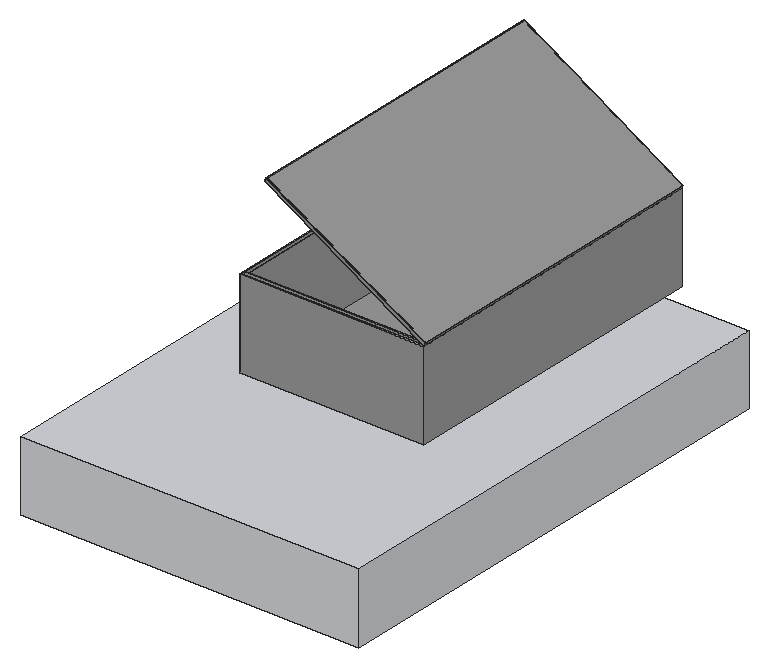
Revit family "Hager-Univers-IP55-D400-H1400-Cl.I-Steel_encl-PL-en", category Equipement électrique, Revit 2020
Family settings
  Hôte = Face
  Configuration du panneau = Deux colonnes, circuits au sein
  Cote de connecteur circulaire = Utiliser le diamètre
  Type d'élément = Tableau de raccordement
  Couper avec des vides une fois chargée = Non
  Partagée = Non
  Point de calcul de pièce = Non
Parameters (values of type "Surface mounted (plaster) IP55 W800 H1400 D400  - FR93G")
  Width Control [instance] = if([EF000008 - Width] > Min Width, [EF000008 - Width], Min Width)  # 800 mm
  Commentaires du type = [HG000003 - Range]  # "Univers"
  Thickness Door [instance] = if([EF009171 - Material plate thickness door/cover] > 3 mm, 3 mm, [EF009171 - Material plate thickness door/cover])  # 1.5 mm
  Seal Frame Offset [instance] = 17 mm  # constant formula
  Plinth Visibility [instance] = [HG000027 - Plinth height] > 0 mm  # no
  Model = ""
  Min Width [instance] = 100 mm  # constant formula
  Min Height [instance] = 100 mm  # constant formula
  Min Depth [instance] = (2 * [EF009170 - Material plate thickness cabinet]) + 1 mm  # 4 mm
  Internal Frame Depth [instance] = (Door System Depth * 0.5)  # 9 mm
  Height Control [instance] = if([EF000040 - Height] > Min Height, [EF000040 - Height], Min Height)  # 1400 mm
  HG000027 - Plinth height = 0 mm
  HG000026 - Floor standing = no
  HG000024 - Bottom section height = 800 mm
  HG000023 - Double section enclosure = no
  HG000016 - Door 3d visibility [instance] = yes
  HG000015 - Clearance visibility [instance] = no
  HG000014 - Door on the right [instance] = yes
  HG000013 - Door on the left [instance] = not([HG000014 - Door on the right])  # no
  HG000012 - Door swing angle [instance] = 30.00°
  HG000010 - Asymmetric doors = no
  HG000009 - Double swing door = no
  HG000006 - Flush mounted = no
  HG000004 - Manufacturer reference = "FR93G"
  HG000003 - Range = "Univers"
  HG000002 - With door or cover = yes
  Frame Offset Bottom [instance] = 10 mm  # constant formula
  Frame Offset [instance] = 15 mm  # constant formula
  EF015940 - Cover with overpressure release = no
  EF011959 - Degree of protection (NEMA) = ""
  EF009554 - Number of openings for flange plates = 6
  EF009212 - Cover model = "EV000116 - Closed"
  EF009171 - Material plate thickness door/cover = 1.5 mm
  EF009170 - Material plate thickness cabinet = 1.5 mm
  Fabricant = "Hager"  # constant formula
  EF008873 - Nominal current (In) = 800 A
  EF007800 - Suitable for lightning protection = no
  EF006306 - With lock = no
  EF006244 - Transparent cover/door = no
  EF005474 - Degree of protection (IP) = "EV006420 - IP55"
  EF004464 - Type of door = "EV002646 - Single"
  EF004427 - Number of modules = 324
  EF004293 - Impact strength = "EV008784 - IK10"
  EF003532 - Suitable for outdoor use = no
  EF002950 - Width in number of modular spacings = 24
  EF001613 - Circuit integrity = "EV000494 - None"
  EF001596 - Material housing = "EV000179 - Steel"
  EF001131 - Internal depth = 400 mm
  EF001088 - Extension possible = yes
  EF000437 - Number of conduit inlets = 6
  EF000339 - Type of cover = "EV004216 - Door"
  EF000266 - Number of rows = 9
  EF000218 - Built-in depth = 0 mm
  EF000118 - With mounting plate = no
  EF000116 - RAL-number = "7035"
  EF000049 - Depth = 400 mm
  EF000040 - Height = 1400 mm
  EF000008 - Width = 800 mm
  EF000007 - Colour = "EV000270 - Grey"
  EF000003 - Mounting method = "EV000384 - Surface mounted (plaster)"
  Door System Leaf Tolerance [instance] = 1.5 mm  # constant formula
  Door System Depth [instance] = 18 mm  # constant formula
  Door Height [instance] = Height Control - [HG000027 - Plinth height]  # 1400 mm
  Depth Control [instance] = if([EF000049 - Depth] > Min Depth, [EF000049 - Depth], Min Depth)  # 400 mm
  Default Elevation = 0 mm
  Connector Offset [instance] = Height Control / 2  # 700 mm
  Bottom Top Plate Trim [instance] = 1.5 mm  # constant formula
  Plinth height Ctrl [instance] = if([HG000027 - Plinth height] > 0 mm, [HG000027 - Plinth height], 12 mm)  # 12 mm
Types (3, lengths in mm): name | Width Control | HG000009 - Double swing door | HG000004 - Manufacturer reference | EF009554 - Number of openings for flange plates | EF004464 - Type of door | EF004427 - Number of modules | EF000437 - Number of conduit inlets | EF000008 - Width
  Surface mounted (plaster) IP55 W1050 H1400 D400  - FR94G | 1050 | yes | "FR94G" | 8 | "EV003602 - Double" | 432 | 8 | 1050
  Surface mounted (plaster) IP55 W550 H1400 D400  - FR92G | 550 | no | "FR92G" | 4 | "EV002646 - Single" | 216 | 4 | 550
  Surface mounted (plaster) IP55 W800 H1400 D400  - FR93G | 800 | no | "FR93G" | 6 | "EV002646 - Single" | 324 | 6 | 800
Reference planes
  plane 1 "Center (Front/Back)": y = 0
  plane 2: z = 0
  plane 3 "Center (Left/Right)": x = 0
  plane 4: z = 400
  plane 5: y = 1.5
  plane 6: y = 700
  plane 7: y = 0
  plane 8: y = 1400
  plane 9: z = 0
  plane 10: x = -385
  plane 11: x = 385
  plane 12: x = 383.5
  plane 13: x = -383.5
  plane 14: y = 1398.5
  plane 15: x = -383
  plane 16: x = -400
  plane 17: x = 383
  plane 18: x = 400
  plane 19: x = 398.5
  plane 20: x = -398.5
  plane 21: y = 11.5
  plane 22: y = 1400
  plane 23: y = 1383.5
  plane 24: z = 382
  plane 25: z = 1.5
  plane 26: z = 380.5
  plane 27: z = 398.5
Forms (mm)
  Extrusion 1, solid
    sketch origin (0, 0, 0) x (1, 0, 0) y (0, 1, 0)
      loop
        line (-702.964, 1305) -> (-702.964, -811.445) -> (766.763, -811.445) -> (766.763, 1305) -> (-702.964, 1305)
    from 0 to -304.8
  Extrusion 2, solid, material "Hager_Steel_RAL7035_Light_Grey", visible <- "Plinth Visibility", detail levels medium+fine
    sketch origin (0, 0, 0) x (1, 0, 0) y (0, 1, 0)
      loop
        line (-400, 0) -> (400, 0) -> (400, 12) -> (-400, 12) -> (-400, 0)
    from 0 to 382
  Extrusion 3, solid, material "Hager_Steel_RAL7035_Light_Grey", detail levels medium+fine
    sketch origin (0, 0, 0) x (1, 0, 0) y (0, 1, 0)
      loop
        line (-400, 0) -> (400, 0) -> (400, 1400) -> (-400, 1400) -> (-400, 0)
    from 0 to 382
  Extrusion 4, void
    sketch origin (0, 0, 0) x (1, 0, 0) y (0, 1, 0)
      loop
        line (-398.5, 1.5) -> (398.5, 1.5) -> (398.5, 1398.5) -> (-398.5, 1398.5) -> (-398.5, 1.5)
    from 1.5 to 380.5
  Extrusion 5, void
    sketch origin (-381.607, -4572, 382) x (0, -1, 0) y (-1, 0, 0)
      loop
        line (-4583.5, 1.893) -> (-5955.5, 1.893) -> (-5955.5, -765.107) -> (-4583.5, -765.107) -> (-4583.5, 1.893)
    from 0 to 1.5 <- "EF009170 - Material plate thickness cabinet"
  Extrusion 6, solid, material "Hager_Steel_RAL7035_Light_Grey", detail levels fine
    sketch origin (0, 0, 382) x (1, 0, 0) y (0, 1, 0)
      loop
        line (-383.5, 1383.5) -> (-383.5, 11.5) -> (383.5, 11.5) -> (383.5, 1383.5) -> (-383.5, 1383.5)
      loop
        line (-385, 10) -> (385, 10) -> (385, 1385) -> (-385, 1385) -> (-385, 10)
    from 0 to 9 <- "Internal Frame Depth"
  Extrusion 7, solid, material "Hager_Steel_RAL7035_Light_Grey", detail levels coarse
    sketch origin (0, 0, 0) x (1, 0, 0) y (0, 1, 0)
      loop
        line (-400, 0) -> (400, 0) -> (400, 1400) -> (-400, 1400) -> (-400, 0)
    from 0 to 400
  Sweep 8, void
    path in 3D
      loop
        line (-400, 12, 0) -> (400, 12, 0) -> (400, 12, 382) -> (-400, 12, 382) -> (-400, 12, 0)
    profile origin (-400, 12, 191) x (-1, 0, 0) y (0, -1, 0)
      loop
        line (0, 0) -> (0, 1.5) -> (-1.5, 1.5)
        arc (-1.5, 1.5) -> (-1.061, 0.439) -> (0, 0) r 1.5
Cuts and joins
  Extrusion 4, Extrusion 5 cuts Extrusion 3
  Sweep 8 cuts Extrusion 2
Lines and regions (mm)
  Masking region 1
    outline origin (0, 0, 0) x (1, 0, 0) y (0, 0, 1)
      loop
        line (-400, 400) -> (-400, 0) -> (400, 0) -> (400, 400) -> (-400, 400)
  Masking region 2, detail levels medium+fine
    outline origin (0, 140, 0) x (0, 1, 0) y (0, 0, 1)
      loop
        line (-140, 0) -> (1260, 0) -> (1260, 382) -> (-140, 382) -> (-140, 0)
  Masking region 3, not visible, detail levels medium+fine
    outline origin (0, 297.922, 0) x (0, 1, 0) y (0, 0, 1)
      loop
        line (413.578, 0) -> (453.578, 0) -> (453.578, 388.5)
        arc (453.578, 388.5) -> (450.649, 395.571) -> (443.578, 398.5) r 10
        line (443.578, 398.5) -> (413.578, 398.5) -> (413.578, 0)
  Masking region 4, detail levels coarse
    outline origin (0, 0, 180) x (0, 1, 0) y (0, 0, 1)
      loop
        line (0, -180) -> (1400, -180) -> (1400, 220) -> (0, 220) -> (0, -180)
  Masking region 5, visible <- "Plinth Visibility", detail levels medium+fine
    outline origin (0, 52.24, 12.345) x (0, 0, -1) y (0, 1, 0)
      loop
        line (10.845, -40.24) -> (-368.155, -40.24)
        arc (-368.155, -40.24) -> (-368.594, -41.301) -> (-369.655, -41.74) r 1.5
        line (-369.655, -41.74) -> (-369.655, -52.24) -> (12.345, -52.24) -> (12.345, -41.74)
        arc (12.345, -41.74) -> (11.285, -41.301) -> (10.845, -40.24) r 1.5
  Masking region 6, detail levels medium+fine
    outline origin (-381.607, -4572, 382) x (-1, 0, 0) y (0, -1, 0)
      loop
        line (18.393, -5972) -> (18.393, -4572) -> (-781.607, -4572) -> (-781.607, -5972) -> (18.393, -5972)
  Masking region 7, visible <- "Plinth Visibility", detail levels medium+fine
    outline origin (-381.607, -4727, 382) x (-1, 0, 0) y (0, -1, 0)
      loop
        arc (16.893, -4739) -> (17.332, -4737.939) -> (18.393, -4737.5) r 1.5
        line (18.393, -4737.5) -> (18.393, -4727) -> (-781.607, -4727) -> (-781.607, -4737.5)
        arc (-781.607, -4737.5) -> (-780.546, -4737.939) -> (-780.107, -4739) r 1.5
        line (-780.107, -4739) -> (16.893, -4739)
  Masking region 8, detail levels coarse
    outline origin (-442.548, -4669.526, 382) x (-1, 0, 0) y (0, -1, 0)
      loop
        line (-42.548, -6069.526) -> (-42.548, -4669.526) -> (-842.548, -4669.526) -> (-842.548, -6069.526) -> (-42.548, -6069.526)
  sketch lines
    curve 1: line (-400, 12, 382) -> (-400, 12, 0)
    curve 2: line (400, 12, 382) -> (-400, 12, 382)
    curve 3: line (400, 12, 382) -> (400, 12, 0)
    curve 4: line (-400, 12, 0) -> (400, 12, 0)
Dimensions and locks
  "Depth Control": plane 4 to Extrusion 1
  "HG000027 - Plinth height": plane 1 "Center (Front/Back)" to plane 7
  "EF009170 - Material plate thickness cabinet": plane 5 to plane 7
  locked: connector elem to plane 3 "Center (Left/Right)"
  equal spacing: plane 8, plane 6, plane 7
  locked: connector elem to plane 6
  "EF009170 - Material plate thickness cabinet": plane 8 to plane 14
  "EF009170 - Material plate thickness cabinet": plane 10 to plane 13
  "EF009170 - Material plate thickness cabinet": plane 12 to plane 11
  "Frame Offset": plane 20 to plane 13
  "Frame Offset": plane 12 to plane 19
  "EF009170 - Material plate thickness cabinet": plane 16 to plane 20
  "EF009170 - Material plate thickness cabinet": plane 19 to plane 18
  "Seal Frame Offset": plane 16 to plane 15
  "Seal Frame Offset": plane 17 to plane 18
  "Frame Offset Bottom": plane 21 to plane 5
  "Frame Offset": plane 14 to plane 23
  equal spacing: plane 16, plane 3 "Center (Left/Right)", plane 18
  "Width Control": plane 16 to plane 18
  "EF009170 - Material plate thickness cabinet": plane 4 to plane 27
  "EF009170 - Material plate thickness cabinet": plane 24 to plane 26
  "EF009170 - Material plate thickness cabinet": plane 25 to level
  "Door System Depth": plane 4 to plane 24
  "Height Control": plane 1 "Center (Front/Back)" to Extrusion 7 sketch curve
  "Height Control": Masking region 4 sketch curve to plane 1 "Center (Front/Back)"
  "Height Control": plane 1 "Center (Front/Back)" to plane 22
  "Bottom Top Plate Trim": profile plane to Sweep 8 sketch curve
  "Bottom Top Plate Trim": Sweep 8 sketch curve to profile plane
  "Plinth height Ctrl": plane 1 "Center (Front/Back)" to Extrusion 2 sketch curve
  "Plinth height Ctrl": Masking region 5 sketch curve to plane 1 "Center (Front/Back)"
  "Plinth height Ctrl": plane 1 "Center (Front/Back)" to Masking region 7 sketch curve
  "Thickness Door": Extrusion 6 sketch curve to Extrusion 6 sketch curve  (x3)
  "Thickness Door": cut or joined group of Extrusion 3, Extrusion 4, Extrusion 5 to Extrusion 6 sketch curve
  radius of Masking region 3 sketch curve = 10 mm
  "Bottom Top Plate Trim": radius of Masking region 5 sketch curve  (x2)
  "Bottom Top Plate Trim": radius of Sweep 8 sketch curve
  "Bottom Top Plate Trim": radius of Masking region 7 sketch curve  (x2)
  aligned and locked: plane 2 to Extrusion 1
  aligned and locked: level to Extrusion 1
  aligned and locked: level to Masking region 1 sketch curve
  aligned and locked: Masking region 1 sketch curve to plane 18
  aligned and locked: Masking region 1 sketch curve to plane 16
  aligned and locked: plane 7 to Masking region 2 sketch curve
  aligned and locked: level to Masking region 3 sketch curve
  aligned and locked: Masking region 3 sketch curve to plane 27
  aligned and locked: level to Masking region 2 sketch curve
  aligned and locked: plane 1 "Center (Front/Back)" to Extrusion 2 sketch curve
  aligned and locked: Extrusion 3 sketch curve to plane 7
  aligned and locked: plane 16 to Extrusion 3 sketch curve
  aligned and locked: plane 18 to Extrusion 3 sketch curve
  aligned and locked: plane 20 to Extrusion 4 sketch curve
  aligned and locked: plane 19 to Extrusion 4 sketch curve
  aligned and locked: Extrusion 4 sketch curve to plane 5
  aligned and locked: Extrusion 4 to plane 25
  aligned and locked: plane 26 to Extrusion 4
  aligned and locked: plane 24 to Extrusion 3
  aligned and locked: Extrusion 5 sketch curve to plane 21
  aligned and locked: Extrusion 5 sketch curve to plane 13
  aligned and locked: Extrusion 5 sketch curve to plane 12
  aligned and locked: plane 18 to Extrusion 7 sketch curve
  aligned and locked: plane 1 "Center (Front/Back)" to Extrusion 7 sketch curve
  aligned and locked: plane 16 to Extrusion 7 sketch curve
  aligned and locked: plane 4 to Extrusion 7
  aligned and locked: Extrusion 7 to level
  aligned and locked: level to Masking region 4 sketch curve
  aligned and locked: Masking region 4 sketch curve to plane 1 "Center (Front/Back)"
  aligned and locked: Masking region 4 sketch curve to plane 4
  aligned and locked: nested 1 to level
  aligned and locked: nested 1 to plane 16
  aligned and locked: plane 8 to Extrusion 3 sketch curve
  aligned and locked: plane 23 to Extrusion 5 sketch curve
  aligned and locked: plane 14 to Extrusion 4 sketch curve
  aligned and locked: Masking region 2 sketch curve to plane 8
  aligned and locked: level to Masking region 5 sketch curve
  aligned and locked: plane 16 to Extrusion 2 sketch curve
  aligned and locked: plane 18 to Extrusion 2 sketch curve
  aligned and locked: Masking region 5 sketch curve to plane 24
  aligned and locked: Masking region 2 sketch curve to plane 24
  aligned and locked: plane 24 to Extrusion 2
  aligned and locked: profile plane to Sweep 8 sketch curve  (x2)
  aligned and locked: Masking region 6 sketch curve to plane 18
  aligned and locked: Masking region 6 sketch curve to plane 22
  aligned and locked: Masking region 6 sketch curve to plane 16
  aligned and locked: plane 8 to plane 22
  aligned and locked: Masking region 6 sketch curve to plane 7
  aligned and locked: Masking region 7 sketch curve to plane 16
  aligned and locked: Masking region 7 sketch curve to plane 1 "Center (Front/Back)"
  aligned and locked: Masking region 7 sketch curve to plane 18
  aligned and locked: Masking region 8 sketch curve to plane 1 "Center (Front/Back)"
  aligned and locked: Masking region 8 sketch curve to plane 18
  aligned and locked: Masking region 8 sketch curve to plane 22
  aligned and locked: Masking region 8 sketch curve to plane 16
  aligned and locked: nested 2 to plane 7
  aligned and locked: plane 3 "Center (Left/Right)" to nested 2
  aligned and locked: nested 2 to plane 24
  aligned and locked: Extrusion 6 sketch curve to cut or joined group of Extrusion 3, Extrusion 4, Extrusion 5  (x4)
Automatic sketch dimensions
  Extrusion 1 sketch curve to Extrusion 1 sketch curve = 1469.727 mm
  Extrusion 1 sketch curve to Extrusion 1 sketch curve = 2116.445 mm
  Masking region 1 sketch curve to plane 4 = 0 mm
  plane 6 to Masking region 3 sketch curve = 11.5 mm
  Masking region 3 sketch curve to Masking region 3 sketch curve = 30 mm
  Masking region 5 sketch curve to plane 1 "Center (Front/Back)" = 0 mm
Nested families
  nested 1: "Hager_Enclosure_Symbol" at (-400, 0, 0) x (1, 0, 0) z (0, -1, 0), Height <- "Depth Control", Width <- "Width Control", type "Hager_Enclosure_Symbol"
    with Width_Ctrl 800 mm, Width 800 mm, Height_Ctrl 400 mm, Height 400 mm, A_Width_Int 26.25 mm, A_Width 315 mm, A_Height_Ctrl 350 mm, A_Height 350 mm
  nested 2: "EC000058_Univers_Door" at (0, 0, 382) x (1, 0, 0) z (0, 1, 0), Leaf_Tolerance <- "Door System Leaf Tolerance", Angle <- "HG000012 - Door swing angle", Door_Depth <- "Door System Depth", Door_Left <- "HG000013 - Door on the left", Transparent <- "EF006244 - Transparent cover/door", Assymetrical <- "HG000010 - Asymmetric doors", Width <- "Width Control", Clearance <- "HG000015 - Clearance visibility", Double <- "HG000009 - Double swing door", 3d_Door <- "HG000016 - Door 3d visibility", Lock_Visibility <- "EF006306 - With lock", Width_Ctrl <- "Width Control", Door_Right <- "HG000014 - Door on the right", Door <- "HG000002 - With door or cover", Height <- "Door Height", Thickness <- "Thickness Door", type "EC000058_Univers_Door", detail levels medium+fine
    with min_wh 4 mm, Width_Ctrl 800 mm, Width 800 mm, Transparent no, Thickness 1.5 mm, Seal_Material Hager_Rubber, Lock_Visibility no, Lock_Material Hager_Plastic_RAL9005_Jet_Black, Leaf_Width 800 mm, Leaf_Tolerance_External_Sides 0 mm, Leaf_Tolerance 1.5 mm, Leaf_Offset 0 mm, Leaf_Height 1397 mm, Leaf_2_Width 800 mm, Leaf_2_Offset 400 mm, Leaf_1_Width 800 mm, Leaf_1_Offset 400 mm, Height_Ctrl 1400 mm, Height 1400 mm, Glass_Material Hager_Glass, Double_Clearance_Ctrl no, Double no, Door_Right_Ctrl yes, Door_Right yes, Door_Material Hager_Steel_RAL7035_Light_Grey, Door_Left_Ctrl no, Door_Left no, Door_Depth 18 mm, Door yes, Clearance_Material Hager_Clearance, Clearance_Depth 800 mm, Clearance_Ctrl no, Clearance no, Assymetrical no, Angle 30.00°, 3d_Door yes
Connectors
  electrical at (0, 700, 0)
    settings: on plane 9, index 1, voltage 0 V, apparent load 0 VA, apparent load phase1 0 VA, apparent load phase2 0 VA, apparent load phase3 0 VA, power factor 1, load classification "Other", number of poles 1, system type 30, power factor state 1, is connector primary yes, connector utility no, sub classification motor no, connector description ""
Definition of nested family "EC000058_Univers_Door"
  Parameters (values of type "EC000058_Univers_Door")
    min_wh [instance] = (2 * Thickness) + 1 mm  # 11 mm
    Width_Ctrl [instance] = 400 mm
    Width [instance] = 500 mm
    Transparent [instance] = yes
    Thickness [instance] = 5 mm
    Seal_Material [instance] = none
    Lock_Visibility [instance] = yes
    Lock_Material [instance] = none
    Leaf_Width [instance] = if((Width_Ctrl - 2 * Leaf_Tolerance_External_Sides) > 0 mm, (Width_Ctrl - 2 * Leaf_Tolerance_External_Sides), min_wh)  # 400 mm
    Leaf_Tolerance_External_Sides [instance] = 0 mm  # constant formula
    Leaf_Tolerance [instance] = 1.5 mm
    Leaf_Offset [instance] = 0 mm  # constant formula
    Leaf_Height [instance] = if((Height_Ctrl - 2 * Leaf_Tolerance) > 0 mm, (Height_Ctrl - 2 * Leaf_Tolerance), min_wh)  # 497 mm
    Leaf_2_Width [instance] = if(and(and(Double, Assymetrical), Door_Left), (Leaf_Width / 3) - (Leaf_Tolerance / 2), if(and(and(Double, Assymetrical), Door_Right), (Leaf_Width / 3) * 2 - (Leaf_Tolerance / 2), if(and(Double, not(Assymetrical)), (Leaf_Width / 2) - Leaf_Tolerance, Leaf_Width)))  # 400 mm
    Leaf_2_Offset [instance] = if(and(Double, Assymetrical), Leaf_2_Width / 2, if(and(Double, not(Assymetrical)), Leaf_Width / 4, Leaf_Width / 2))  # 200 mm
    Leaf_1_Width [instance] = if(and(and(Double, Assymetrical), Door_Right), (Leaf_Width / 3) - (Leaf_Tolerance / 2), if(and(and(Double, Assymetrical), Door_Left), (Width / 3) * 2 - (Leaf_Tolerance / 2), if(and(Double, not(Assymetrical)), (Leaf_Width / 2) - Leaf_Tolerance, Leaf_Width)))  # 400 mm
    Leaf_1_Offset [instance] = if(and(Double, Assymetrical), Leaf_1_Width / 2, if(and(Double, not(Assymetrical)), Leaf_Width / 4, Leaf_Width / 2))  # 200 mm
    Height_Ctrl [instance] = if(Height > min_wh, Height, min_wh)  # 500 mm
    Height [instance] = 500 mm
    Glass_Material [instance] = none
    Double_Clearance_Ctrl [instance] = and(Double, Clearance)  # no
    Double [instance] = no
    Door_Right_Ctrl [instance] = and(or(Door_Right, Double), Door)  # yes
    Door_Right [instance] = yes
    Door_Material [instance] = none
    Door_Left_Ctrl [instance] = and(or(Door_Left, Double), Door)  # no
    Door_Left [instance] = no
    Door_Depth [instance] = 30 mm
    Door [instance] = yes
    Default Elevation = 1219.2 mm
    Clearance_Material [instance] = none
    Clearance_Depth [instance] = if(Leaf_1_Width > Leaf_2_Width, Leaf_1_Width, Leaf_2_Width)  # 400 mm
    Clearance_Ctrl [instance] = and(not(Double), Clearance)  # yes
    Clearance [instance] = yes
    Assymetrical [instance] = yes
    Angle [instance] = 30.00°
    3d_Door [instance] = yes
  Reference planes
    plane 1 "Center (Front/Back)": y = 0
    plane 2 "Bottom": z = 0
    plane 3 "Center (Left/Right)": x = 0
    plane 4: z = 500
    plane 5: x = -200
    plane 6: x = 200
    plane 7: z = 500
    plane 8: x = -200
    plane 9: z = 0
    plane 10: x = 200
    plane 11: y = 0
    plane 12: z = 1.5
    plane 13: x = -600
    plane 14: y = -400
    plane 15: x = 600
    plane 16: x = 0
    plane 17: x = 0
    plane 18: x = -200
    plane 19: x = 200
    plane 20: z = 498.5
  Forms (mm)
    Extrusion 1, solid, material <- "Clearance_Material", visible <- "Double_Clearance_Ctrl"
      sketch origin (1200, 0, 0) x (1, 0, 0) y (0, 0, -1)
        loop
          line (-1800, -498.5) -> (-600, -498.5) -> (-600, 0) -> (-1800, 0) -> (-1800, -498.5)
      from 0 to -400
  Dimensions and locks
    equal spacing: plane 5, plane 3 "Center (Left/Right)", plane 6
    "Width_Ctrl": plane 5 to plane 6
    "Leaf_Offset": plane 5 to plane 8
    "Leaf_Offset": plane 6 to plane 10
    "Leaf_Offset": plane 9 to level
    "Leaf_Offset": plane 4 to plane 7
    "Height_Ctrl": plane 4 to level
    "Leaf_Tolerance": plane 12 to plane 9
    locked: plane 11 to plane 1 "Center (Front/Back)"
    "Leaf_1_Offset": plane 18 to plane 16
    "Leaf_2_Offset": plane 17 to plane 19
    "Leaf_1_Width": plane 13 to plane 8
    "Leaf_2_Width": plane 10 to plane 15
    "Clearance_Depth": plane 14 to plane 1 "Center (Front/Back)"
    "Leaf_Tolerance_External_Sides": plane 8 to plane 18
    "Leaf_Tolerance_External_Sides": plane 19 to plane 10
    "Leaf_Tolerance": plane 7 to plane 20
    aligned and locked: level to plane 2 "Bottom"
    aligned and locked: nested 1 to plane 16
    aligned and locked: nested 2 to plane 17
    aligned and locked: Extrusion 1 to plane 13
    aligned and locked: plane 15 to Extrusion 1
    aligned and locked: Extrusion 1 to plane 14
    aligned and locked: plane 12 to nested 1
    aligned and locked: nested 2 to plane 12
    aligned and locked: Extrusion 1 to plane 11
    aligned and locked: plane 20 to Extrusion 1
    aligned and locked: nested 2 to plane 11
    aligned and locked: nested 1 to plane 11
  Automatic sketch dimensions
    Extrusion 1 sketch curve to level = 0 mm
    plane 5 to Extrusion 1 sketch curve = 400 mm
    plane 6 to Extrusion 1 sketch curve = 400 mm
    Extrusion 1 sketch curve to plane 4 = 1.5 mm
  Nested families
    nested 1: "EC000058_Univers_Door_Leaf" at (0, 0, 1.5), Width <- "Leaf_1_Width", visible <- "Door_Left_Ctrl", Leaf_Height <- "Leaf_Height", Angle <- "Angle", 3d_Door <- "3d_Door", Transparent <- "Transparent", Clearance Material <- "Clearance_Material", Clearance <- "Clearance_Ctrl", Door_Material <- "Door_Material", Glass_Material <- "Glass_Material", Door_Depth <- "Door_Depth", Lock_Material <- "Lock_Material", Seal_Material <- "Seal_Material", Lock_Visibility <- "Lock_Visibility", Thickness <- "Thickness", type "EC000058_Univers_Door_Leaf"
      with Width 400 mm, Transparent_Glass_Offset 30 mm, Transparent_Ctrl yes, Transparent yes, Thickness 5 mm, Standard no, Seal_Material none, Seal_D2 8 mm, Seal_D1 1 mm, Offset_Internal_Frame 10 mm, Lock_Width 20 mm, Lock_Visibility_3d yes, Lock_Visibility yes, Lock_Thickness_3 3 mm, Lock_Thickness_2 1 mm, Lock_Thickness_1 3 mm, Lock_Radius_Offset_2 16 mm, Lock_Radius_Offset_1 15 mm, Lock_Radius_2 5 mm, Lock_Radius 6 mm, Lock_Offset 5 mm, Lock_Material none, Lock_Height 80 mm, Lock_Cover_Top_Offset_2d 17 mm, Lock_Cover_Height -65 mm, Leaf_Height 497 mm, Internal_Seal_Thickness 8 mm, Internal_Seal_Depth_2 4.5 mm, Internal_Frame_Depth 25 mm, Glass_Thickness -1 mm, Glass_Offset -2 mm, Glass_Material none, Door_Material none, Door_Depth 30 mm, Clearance Material none, Clearance yes, Angle_Ctrl 30.00°, Angle 30.00°, 3d_Door yes
    nested 2: "EC000058_Univers_Door_Leaf" at (0, 0, 1.5) x (-1, 0, 0) z (0, 0, 1), Width <- "Leaf_2_Width", visible <- "Door_Right_Ctrl", Leaf_Height <- "Leaf_Height", Angle <- "Angle", 3d_Door <- "3d_Door", Transparent <- "Transparent", Clearance Material <- "Clearance_Material", Clearance <- "Clearance_Ctrl", Door_Material <- "Door_Material", Glass_Material <- "Glass_Material", Door_Depth <- "Door_Depth", Lock_Material <- "Lock_Material", Seal_Material <- "Seal_Material", Lock_Visibility <- "Lock_Visibility", Thickness <- "Thickness", type "EC000058_Univers_Door_Leaf"
      with Width 400 mm, Transparent_Glass_Offset 30 mm, Transparent_Ctrl yes, Transparent yes, Thickness 5 mm, Standard no, Seal_Material none, Seal_D2 8 mm, Seal_D1 1 mm, Offset_Internal_Frame 10 mm, Lock_Width 20 mm, Lock_Visibility_3d yes, Lock_Visibility yes, Lock_Thickness_3 3 mm, Lock_Thickness_2 1 mm, Lock_Thickness_1 3 mm, Lock_Radius_Offset_2 16 mm, Lock_Radius_Offset_1 15 mm, Lock_Radius_2 5 mm, Lock_Radius 6 mm, Lock_Offset 5 mm, Lock_Material none, Lock_Height 80 mm, Lock_Cover_Top_Offset_2d 17 mm, Lock_Cover_Height -65 mm, Leaf_Height 497 mm, Internal_Seal_Thickness 8 mm, Internal_Seal_Depth_2 4.5 mm, Internal_Frame_Depth 25 mm, Glass_Thickness -1 mm, Glass_Offset -2 mm, Glass_Material none, Door_Material none, Door_Depth 30 mm, Clearance Material none, Clearance yes, Angle_Ctrl 30.00°, Angle 30.00°, 3d_Door yes
  Definition of nested family "EC000058_Univers_Door_Leaf"
    Parameters (values of type "EC000058_Univers_Door_Leaf")
      Width [instance] = 2000 mm
      Transparent_Glass_Offset [instance] = 30 mm
      Transparent_Ctrl [instance] = and(Transparent, [3d_Door])  # yes
      Transparent [instance] = yes
      Thickness [instance] = 5 mm
      Standard [instance] = and(not(Transparent), [3d_Door])  # no
      Seal_Material [instance] = none
      Seal_D2 [instance] = 8 mm  # constant formula
      Seal_D1 [instance] = 1 mm  # constant formula
      Offset_Internal_Frame [instance] = 10 mm  # constant formula
      Lock_Width [instance] = 20 mm  # constant formula
      Lock_Visibility_3d [instance] = and(Lock_Visibility, [3d_Door])  # yes
      Lock_Visibility [instance] = yes
      Lock_Thickness_3 [instance] = 3 mm  # constant formula
      Lock_Thickness_2 [instance] = 1 mm  # constant formula
      Lock_Thickness_1 [instance] = 3 mm  # constant formula
      Lock_Radius_Offset_2 [instance] = Lock_Radius_Offset_1 + 1 mm  # 16 mm
      Lock_Radius_Offset_1 [instance] = 15 mm  # constant formula
      Lock_Radius_2 [instance] = Lock_Radius - 1 mm  # 5 mm
      Lock_Radius [instance] = 6 mm  # constant formula
      Lock_Offset [instance] = 5 mm  # constant formula
      Lock_Material [instance] = none
      Lock_Height [instance] = 80 mm  # constant formula
      Lock_Cover_Top_Offset_2d [instance] = Lock_Radius_Offset_2 + 1 mm  # 17 mm
      Lock_Cover_Height [instance] = -(Lock_Height - Lock_Radius_Offset_1)  # -65 mm
      Leaf_Height [instance] = 2720.336 mm
      Internal_Seal_Thickness [instance] = 8 mm  # constant formula
      Internal_Seal_Depth_2 [instance] = 4.5 mm  # constant formula
      Internal_Frame_Depth [instance] = if(Door_Depth - Thickness > 5 mm, Door_Depth - Thickness, 5 mm)  # 25 mm
      Glass_Thickness [instance] = if(Thickness > 15 mm, Glass_Offset + 10 mm, -1 mm)  # -1 mm
      Glass_Offset [instance] = if(Thickness > 15 mm, -(Thickness + 10 mm) / 2, -2 mm)  # -2 mm
      Glass_Material [instance] = none
      Door_Material [instance] = none
      Door_Depth [instance] = 30 mm
      Default Elevation = 0 mm
      Clearance Material [instance] = none
      Clearance [instance] = yes
      Angle_Ctrl [instance] = if(Angle > 180.00°, 180.00°, Angle)  # 90.00°
      Angle [instance] = 90.00°
      3d_Door [instance] = yes
    Reference planes
      plane 1 "Center (Front/Back)": y = 0
      plane 2: z = 0
      plane 3 "Center (Left/Right)": x = 0
      plane 4: y = 2000
      plane 5: x = -1000
      plane 6: x = 1000
      plane 7: x = -3000
      plane 8: z = 2720.336
      plane 9: z = 30
      plane 10: z = 2690.336
      plane 11: x = 970
      plane 12: x = -970
      plane 13: y = -3
      plane 14: z = 107.833
      plane 15: y = -5
      plane 16: y = -223.314
      plane 17: x = -1000
      plane 18: z = 1360.168
      plane 19: y = 30
    Forms (mm)
      Extrusion 1, solid, material <- "Clearance Material", visible <- "Clearance"
        sketch origin (0, 0, 0) x (1, 0, 0) y (0, 0, 1)
          loop
            line (-3000, 2720.336) -> (-3000, 0) -> (1000, 0) -> (1000, 2720.336) -> (-3000, 2720.336)
        from 0 to -2000
      Extrusion 2, solid, material <- "Door_Material", visible <- "Standard", detail levels medium+fine
        sketch origin (-1000, 0, 0) x (0, 1, 0) y (-1, 0, 0)
          loop
            line (0, 30) -> (0, 25) -> (2000, 25) -> (2000, 30) -> (0, 30)
        from 0 to 2720.336 <- "Leaf_Height"
      Extrusion 3, solid, material <- "Door_Material", visible <- "Transparent_Ctrl", detail levels medium+fine
        sketch origin (-1000, 0, 0) x (0, 1, 0) y (-1, 0, 0)
          loop
            line (0, 25) -> (2000, 25) -> (2000, 30) -> (0, 30) -> (0, 25)
        from 0 to 2720.336 <- "Leaf_Height"
      Extrusion 4, void
        sketch origin (-1025, 2000, 0) x (0, 1, 0) y (0, 0, -1)
          loop
            line (-30, -2690.336) -> (-30, -30) -> (-1970, -30) -> (-1970, -2690.336) -> (-30, -2690.336)
        from 0 to 5 <- "Thickness"
      Sweep 5, solid, material <- "Seal_Material", visible <- "Transparent_Ctrl", detail levels fine
        path in 3D
          loop
            line (-1025, 30, 30) -> (-1025, 30, 2690.336) -> (-1025, 1970, 2690.336) -> (-1025, 1970, 30) -> (-1025, 30, 30)
        profile origin (-1025, 1000, 30) x (1, 0, 0) y (0, 0, 1)
          loop
            line (0, 0) -> (0, -8) -> (1, -8) -> (1, 0) -> (0, 0)
      Extrusion 6, solid, material <- "Glass_Material", visible <- "Transparent_Ctrl", detail levels medium+fine
        sketch origin (-1030, 0, 0) x (0, 1, 0) y (0, 0, -1)
          loop
            line (1970, -2690.336) -> (1970, -30) -> (30, -30) -> (30, -2690.336) -> (1970, -2690.336)
        from -2 <- "Glass_Offset" to -1 <- "Glass_Thickness"
      Extrusion 7, solid, material <- "Door_Material", visible <- "3d_Door", detail levels medium+fine
        sketch origin (-1025, 2000, 0) x (0, -1, 0) y (0, 0, -1)
          loop
            line (0, -2720.336) -> (2000, -2720.336) -> (2000, 0) -> (0, 0) -> (0, -2720.336)
          loop
            line (1995, -5) -> (5, -5) -> (5, -2715.336) -> (1995, -2715.336) -> (1995, -5)
        from 0 to 25 <- "Internal_Frame_Depth"
      Sweep 8, solid, material <- "Seal_Material", visible <- "Transparent_Ctrl", detail levels fine
        path in 3D
          loop
            line (-1025, 0, 0) -> (-1025, 2000, 0) -> (-1025, 2000, 2720.336) -> (-1025, 0, 2720.336) -> (-1025, 0, 0)
        profile origin (-1025, 0, 1360.168) x (1, 0, 0) y (0, 1, 0)
          loop
            line (0, 10) -> (2.975, 10)
            arc (2.975, 10) -> (4.053, 10.447) -> (4.5, 11.525) r 1.525
            line (4.5, 11.525) -> (4.5, 16.527)
            arc (4.5, 16.527) -> (4.069, 17.569) -> (3.027, 18) r 1.473
            line (3.027, 18) -> (0, 18) -> (0, 10)
      Extrusion 9, solid, material <- "Lock_Material", visible <- "Lock_Visibility_3d", detail levels fine
        sketch origin (-1030, 0, 0) x (0, 1, 0) y (0, 0, -1)
          loop
            arc (1993.5, -1400.168) -> (1994.561, -1399.729) -> (1995, -1398.668) r 1.5
            line (1995, -1398.668) -> (1995, -1320.168) -> (1975, -1320.168) -> (1975, -1398.668)
            arc (1975, -1398.668) -> (1975.439, -1399.729) -> (1976.5, -1400.168) r 1.5
            line (1976.5, -1400.168) -> (1993.5, -1400.168)
        from 3 <- "Lock_Thickness_1" to 0
      Blend 10, solid, material <- "Lock_Material", visible <- "Lock_Visibility_3d", detail levels fine
        base sketch origin (-1033, 0, 0) x (0, 1, 0) y (0, 0, -1)
          loop
            line (1975, -1320.168) -> (1975, -1398.668)
            arc (1975, -1398.668) -> (1975.439, -1399.729) -> (1976.5, -1400.168) r 1.5
            line (1976.5, -1400.168) -> (1993.5, -1400.168)
            arc (1993.5, -1400.168) -> (1994.561, -1399.729) -> (1995, -1398.668) r 1.5
            line (1995, -1398.668) -> (1995, -1320.168) -> (1975, -1320.168)
        top sketch origin (-1033, 0, 0) x (0, 1, 0) y (0, 0, -1)
          loop
            line (1976, -1320.168) -> (1976, -1398.668)
            arc (1976, -1398.668) -> (1976.146, -1399.022) -> (1976.5, -1399.168) r 0.5
            line (1976.5, -1399.168) -> (1993.5, -1399.168)
            arc (1993.5, -1399.168) -> (1993.854, -1399.022) -> (1994, -1398.668) r 0.5
            line (1994, -1398.668) -> (1994, -1320.168) -> (1976, -1320.168)
        from 0 to 1 <- "Lock_Thickness_2"
      Blend 11, solid, material <- "Lock_Material", visible <- "Lock_Visibility_3d", detail levels fine
        base sketch origin (-1034, 0, 0) x (0, 1, 0) y (0, 0, -1)
          loop
            line (1978, -1320.168) -> (1978, -1384.168)
            arc (1978, -1384.168) -> (1985, -1391.168) -> (1992, -1384.168) r 7
            line (1992, -1384.168) -> (1992, -1320.168) -> (1978, -1320.168)
        top sketch origin (-1034, 0, 0) x (0, 1, 0) y (0, 0, -1)
          loop
            line (1991, -1320.168) -> (1979, -1320.168) -> (1979, -1383.168)
            arc (1979, -1383.168) -> (1985, -1389.168) -> (1991, -1383.168) r 6
            line (1991, -1383.168) -> (1991, -1320.168)
        from 0 to 3 <- "Lock_Thickness_3"
      Extrusion 12, solid, material <- "Lock_Material", visible <- "Lock_Visibility_3d", detail levels fine
        sketch origin (-1030, 1975, 1320.168) x (1, 0, 0) y (0, -1, 0)
          loop
            line (-7, -19) -> (-7, -1) -> (0, -1) -> (0, 0) -> (-8, 0) -> (-8, -20) -> (0, -20) -> (0, -19) -> (-7, -19)
        from 0 to -65 <- "Lock_Cover_Height"
      Extrusion 13, void
        sketch origin (-1038, 1995, 1320.168) x (-1, 0, 0) y (0, 0, -1)
          loop
            line (-5, -65) -> (0, -65) -> (-5, -60) -> (-5, -65)
        from 0 to 20 <- "Lock_Width"
      Extrusion 14, void
        sketch origin (-1038, 1975, 1320.168) x (0, -1, 0) y (0, 0, -1)
          loop
            circle (-10, -15.995) r 6
          loop
            circle (-10, -15.995) r 5
        from 0 to 2
      Extrusion 15, solid, material <- "Lock_Material", visible <- "Lock_Visibility_3d", detail levels medium
        sketch origin (-1030, 0, 0) x (0, 1, 0) y (0, 0, -1)
          loop
            arc (1993.5, -1400.168) -> (1994.561, -1399.729) -> (1995, -1398.668) r 1.5
            line (1995, -1398.668) -> (1995, -1320.168) -> (1975, -1320.168) -> (1975, -1398.668)
            arc (1975, -1398.668) -> (1975.439, -1399.729) -> (1976.5, -1400.168) r 1.5
            line (1976.5, -1400.168) -> (1993.5, -1400.168)
        from 8 to 0
    Cuts and joins
      Extrusion 4 cuts Extrusion 3
      Extrusion 13, Extrusion 14 cuts Extrusion 9
      Extrusion 14 cuts Blend 11
      Extrusion 13, Extrusion 14 cuts Extrusion 12
      joined: Extrusion 9, Blend 10, Blend 11, Extrusion 12
      Extrusion 14 cuts Extrusion 15
    Lines and regions (mm)
      Masking region 1, visible <- "Lock_Visibility", detail levels fine
        outline origin (0, 0, 0) x (0, 1, 0) y (0, 0, 1)
          loop
            line (30, 1320.168) -> (33, 1320.168) -> (33, 1400.168) -> (30, 1400.168) -> (30, 1320.168)
      Masking region 2, visible <- "Lock_Visibility", detail levels fine
        outline origin (0, 3.143, 0) x (0, 1, 0) y (0, 0, 1)
          loop
            line (29.857, 1354.168) -> (30.857, 1354.168) -> (30.857, 1366.168) -> (29.857, 1366.168) -> (29.857, 1354.168)
      Masking region 3, detail levels medium+fine
        outline origin (0, 0, 0) x (0, 1, 0) y (0, 0, 1)
          loop
            line (0, 0) -> (30, 0) -> (30, 2720.336) -> (0, 2720.336) -> (0, 0)
      Masking region 4, detail levels medium+fine
        outline origin (0, 0, 0) x (1, 0, 0) y (0, 0, 1)
          loop
            line (-1000, 2720.336) -> (-1000, 0) -> (1000, 0) -> (1000, 2720.336) -> (-1000, 2720.336)
      Masking region 5, visible <- "Lock_Visibility", detail levels fine
        outline origin (-47.116, 0, 0) x (1, 0, 0) y (0, 0, 1)
          loop
            arc (1024.616, 1399.168) -> (1023.556, 1398.729) -> (1023.116, 1397.668) r 1.5
            line (1023.116, 1397.668) -> (1023.116, 1320.168) -> (1041.116, 1320.168) -> (1041.116, 1397.668)
            arc (1041.116, 1397.668) -> (1040.677, 1398.729) -> (1039.616, 1399.168) r 1.5
            line (1039.616, 1399.168) -> (1024.616, 1399.168)
      Masking region 6, visible <- "Lock_Visibility", detail levels medium+fine
        outline origin (-25, 0, 0) x (1, 0, 0) y (0, 0, 1)
          loop
            arc (1001.5, 1400.168) -> (1000.439, 1399.729) -> (1000, 1398.668) r 1.5
            line (1000, 1398.668) -> (1000, 1320.168) -> (1020, 1320.168) -> (1020, 1398.668)
            arc (1020, 1398.668) -> (1019.561, 1399.729) -> (1018.5, 1400.168) r 1.5
            line (1018.5, 1400.168) -> (1001.5, 1400.168)
      Masking region 7, visible <- "Lock_Visibility", detail levels fine
        outline origin (-73.735, 0, 0) x (1, 0, 0) y (0, 0, 1)
          loop
            line (1051.735, 1382.168) -> (1065.735, 1382.168) -> (1065.735, 1384.168)
            arc (1065.735, 1384.168) -> (1058.735, 1391.168) -> (1051.735, 1384.168) r 7
            line (1051.735, 1384.168) -> (1051.735, 1382.168)
      Masking region 8, visible <- "Lock_Visibility", detail levels fine
        outline origin (-73.735, 0, 0) x (1, 0, 0) y (0, 0, 1)
          loop
            line (1052.735, 1382.168) -> (1064.735, 1382.168) -> (1064.735, 1383.168)
            arc (1064.735, 1383.168) -> (1058.735, 1389.168) -> (1052.735, 1383.168) r 6
            line (1052.735, 1383.168) -> (1052.735, 1382.168)
      Masking region 9, visible <- "Lock_Visibility", detail levels fine
        outline origin (-25, 0, 0) x (1, 0, 0) y (0, 0, 1)
          loop
            line (1020, 1320.168) -> (1020, 1382.168) -> (1000, 1382.168) -> (1000, 1320.168) -> (1020, 1320.168)
      Masking region 10, detail levels medium+fine
        outline origin (0, 0, 0) x (1, 0, 0) y (0, 0, 1)
          loop
            circle (985, 1335.144) r 6
      Masking region 11, detail levels fine
        outline origin (0, 0, 0) x (1, 0, 0) y (0, 0, 1)
          loop
            circle (985, 1335.144) r 5
      Masking region 12, visible <- "Lock_Visibility", detail levels fine
        outline origin (0, 12.767, 0) x (0, 1, 0) y (0, 0, 1)
          loop
            line (20.233, 1320.168) -> (21.233, 1320.168) -> (21.233, 1399.168) -> (20.233, 1400.168) -> (20.233, 1320.168)
      Masking region 13, visible <- "Lock_Visibility", detail levels fine
        outline origin (0, 13.767, -10) x (0, 1, 0) y (0, 0, 1)
          loop
            line (20.233, 1330.168) -> (23.233, 1330.168) -> (23.233, 1399.168) -> (20.233, 1402.168) -> (20.233, 1330.168)
      Masking region 14, visible <- "Lock_Visibility", detail levels fine
        outline origin (0, 12.767, -10) x (0, 1, 0) y (0, 0, 1)
          loop
            line (20.233, 1330.168) -> (25.233, 1330.168) -> (25.233, 1399.305) -> (20.233, 1394.305) -> (20.233, 1330.168)
      Masking region 15, visible <- "Lock_Visibility", detail levels medium
        outline origin (0, 0, 0) x (0, 1, 0) y (0, 0, 1)
          loop
            line (30, 1320.168) -> (38, 1320.168) -> (38, 1400.168) -> (30, 1400.168) -> (30, 1320.168)
      Masking region 16, visible <- "Lock_Visibility", detail levels fine
        outline origin (-1000, 0, 0) x (0, 1, 0) y (-1, 0, 0)
          loop
            line (1975, 30) -> (1995, 30) -> (1995, 38) -> (1975, 38) -> (1975, 30)
          loop
            line (1979, 37) -> (1976, 37) -> (1976, 34) -> (1978, 34) -> (1979, 37)
          loop
            line (1994, 37) -> (1991, 37) -> (1992, 34) -> (1994, 34) -> (1994, 37)
      Masking region 17, visible <- "Lock_Visibility", detail levels medium
        outline origin (-1000, 0, 0) x (0, 1, 0) y (-1, 0, 0)
          loop
            line (1975, 30) -> (1995, 30) -> (1995, 38) -> (1975, 38) -> (1975, 30)
      symbolic lines
        curve 1: line (1000, 0, 0) -> (-3000, 0, 0)
        curve 2: arc (1000, 0, 0) -> (-1000, 2000, 0) -> (-3000, 0, 0) r 2000
        curve 4: line (-1030, 0, 0) -> (-1030, 2000, 0)
      reference lines
        curve 3: line (-1000, 0, 0) -> (-1000, 2000, 0)
      symbolic lines, detail levels medium+fine
        curve 5: line (-1030, 2000, 0) -> (-1025, 2000, 0)
        curve 7: line (-1025, 0, 0) -> (-1030, 0, 0)
        curve 8: line (-1025, 0, 0) -> (-1000, 0, 0)
        curve 9: line (-1000, 0, 0) -> (-1000, 2000, 0)
        curve 10: line (-1000, 2000, 0) -> (-1025, 2000, 0)
      symbolic lines, detail levels fine
        curve 6: line (-1025, 2000, 0) -> (-1025, 0, 0)
      sketch lines
        curve 11: line (-1025, 0, 2720.336) -> (-1025, 0, 0)
        curve 12: line (-1025, 2000, 0) -> (-1025, 0, 0)
        curve 13: line (-1025, 2000, 2720.336) -> (-1025, 2000, 0)
        curve 14: line (-1025, 0, 2720.336) -> (-1025, 2000, 2720.336)
        curve 15: line (-1025, 1970, 30) -> (-1025, 30, 30)
        curve 16: line (-1025, 30, 30) -> (-1025, 30, 2690.336)
        curve 17: line (-1025, 1970, 2690.336) -> (-1025, 1970, 30)
        curve 18: line (-1025, 30, 2690.336) -> (-1025, 1970, 2690.336)
      symbolic lines, visible <- "Transparent", detail levels medium+fine
        curve 19: line (-970, 0, 2690.336) -> (970, 0, 2690.336)
        curve 20: line (-970, 0, 30) -> (-970, 0, 2690.336)
        curve 21: line (970, 0, 30) -> (-970, 0, 30)
        curve 22: line (970, 0, 2690.336) -> (970, 0, 30)
    Dimensions and locks
      "Width": plane 1 "Center (Front/Back)" to plane 4
      equal spacing: plane 5, plane 3 "Center (Left/Right)", plane 6
      "Width": plane 5 to plane 6
      "Width": plane 7 to plane 5
      "Leaf_Height": plane 8 to level
      "Width": curve 5 to curve 3
      "Width": curve 3 to curve 3
      plane 8 to plane 10 = 30 mm
      plane 9 to level = 30 mm
      plane 12 to plane 5 = 30 mm
      plane 6 to plane 11 = 30 mm
      Extrusion 1 to Extrusion 4 sketch curve = 30 mm
      "Transparent_Glass_Offset": curve 3 to Extrusion 4 sketch curve
      "Transparent_Glass_Offset": Extrusion 4 sketch curve to cut or joined group of Extrusion 3, Extrusion 4  (x2)
      cut or joined group of Extrusion 3, Extrusion 4 to Extrusion 6 sketch curve = 30 mm
      "Transparent_Glass_Offset": cut or joined group of Extrusion 3, Extrusion 4 to Extrusion 4 sketch curve
      "Thickness": curve 6 to curve 4
      "Thickness": Extrusion 7 sketch curve to Extrusion 7 sketch curve  (x4)
      "Door_Depth": curve 4 to curve 3
      "Offset_Internal_Frame": profile plane to Sweep 8 sketch curve
      "Internal_Seal_Thickness": Sweep 8 sketch curve to Sweep 8 sketch curve
      "Internal_Seal_Depth_2": profile plane to Sweep 8 sketch curve
      "Seal_D1": profile plane to Sweep 5 sketch curve
      "Seal_D2": profile plane to Sweep 5 sketch curve
      "Thickness": Extrusion 2 sketch curve to Extrusion 2 sketch curve
      equal spacing: Extrusion 9 sketch curve, plane 18, Extrusion 9 sketch curve  (x2)
      equal spacing: Masking region 1 sketch curve, plane 18, Masking region 1 sketch curve
      "Lock_Height": Masking region 1 sketch curve to Masking region 1 sketch curve
      "Lock_Radius": Masking region 2 sketch curve to plane 18 to Masking region 2 sketch curve
      Masking region 2 sketch curve to Masking region 1 = 1 mm
      "Door_Depth": plane 19 to plane 1 "Center (Front/Back)"
      "Lock_Thickness_1": Masking region 1 sketch curve to plane 19
      "Lock_Width": Extrusion 9 sketch curve to Extrusion 9 sketch curve
      "Lock_Height": Extrusion 9 sketch curve to Extrusion 9 sketch curve
      "Lock_Offset": cut or joined group of Extrusion 3, Extrusion 4 to Extrusion 9 sketch curve
      equal spacing: plane 8, plane 18, level
      "Lock_Radius_Offset_1": Blend 11 sketch curve to Blend 10
      locked: Blend 10 to Blend 11 sketch curve at 2  (x2)
      locked: var sketch to Blend 11 sketch curve at 1  (x2)
      "Lock_Radius_Offset_2": Blend 11 sketch curve to Blend 10
      locked: Extrusion 12 sketch curve to Extrusion 12 sketch curve at 1  (x3)
      Masking region 6 sketch curve to Masking region 6 sketch curve = 80 mm
      "Lock_Height": Masking region 6 sketch curve to Masking region 6 sketch curve
      "Lock_Width": Masking region 6 sketch curve to Masking region 6 sketch curve
      locked: Masking region 6 to Masking region 5 sketch curve at 1  (x3)
      locked: Masking region 5 to Masking region 7 sketch curve at 2  (x2)
      "Lock_Radius_Offset_1": Masking region 5 to Masking region 7 sketch curve
      "Lock_Radius_Offset_2": Masking region 5 to Masking region 8 sketch curve
      locked: Masking region 7 to Masking region 8 sketch curve at 1  (x2)
      "Lock_Cover_Top_Offset_2d": Masking region 5 to Masking region 9 sketch curve
      equal spacing: Masking region 9, Masking region 10 sketch curve, Masking region 9
      equal spacing: Masking region 9, Masking region 11 sketch curve, Masking region 9
      Extrusion 15 sketch curve to Extrusion 15 sketch curve = 80 mm
      "Lock_Width": Extrusion 15 sketch curve to Extrusion 15 sketch curve
      "Lock_Height": Extrusion 15 sketch curve to Extrusion 15 sketch curve
      equal spacing: Extrusion 15 sketch curve, plane 18, Extrusion 15 sketch curve
      "Lock_Thickness_3": Masking region 13 sketch curve to Masking region 13 sketch curve
      "Lock_Height": Masking region 12 sketch curve to Masking region 12 sketch curve
      locked: Masking region 13 sketch curve to Masking region 1 at 8
      locked: Masking region 14 sketch curve to Masking region 13 at 1
      locked: Masking region 14 sketch curve to Masking region 1 at 10.863
      "Lock_Height": Masking region 15 sketch curve to Masking region 15 sketch curve
      "Lock_Offset": Extrusion 15 sketch curve to cut or joined group of Extrusion 3, Extrusion 4
      "Lock_Offset": plane 6 to Masking region 6 sketch curve
      radius of Sweep 8 sketch curve = 1.525 mm
      radius of Sweep 8 sketch curve = 1.473 mm
      radius of Extrusion 9 sketch curve = 1.5 mm  (x2)
      "Lock_Radius": radius of Extrusion 14 sketch curve
      "Lock_Radius_2": radius of Extrusion 14 sketch curve
      "Lock_Radius": radius of Masking region 10 sketch curve
      "Lock_Radius_2": radius of Masking region 11 sketch curve
      radius of Extrusion 15 sketch curve = 1.5 mm  (x2)
      "Angle_Ctrl": angle plane 1 "Center (Front/Back)" to curve 3
      locked: Masking region 12 sketch curve to Masking region 12 sketch curve (angle 45.00°)
      locked: Masking region 13 sketch curve to Masking region 13 sketch curve (angle 45.00°)
      locked: Masking region 14 sketch curve to Masking region 14 sketch curve (angle 45.00°)
      aligned and locked: level to plane 2
      aligned and locked: Extrusion 1 to curve 1
      aligned and locked: plane 6 to Extrusion 1
      aligned and locked: Extrusion 1 to plane 1 "Center (Front/Back)"
      aligned and locked: plane 4 to Extrusion 1
      aligned and locked: plane 8 to Extrusion 1
      aligned and locked: curve 7 to Extrusion 2 sketch curve
      aligned and locked: curve 5 to Extrusion 2 sketch curve
      aligned and locked: curve 7 to Extrusion 3 sketch curve
      aligned and locked: Extrusion 3 sketch curve to curve 4
      aligned and locked: Extrusion 3 sketch curve to curve 6
      aligned and locked: Extrusion 3 sketch curve to curve 5
      aligned and locked: curve 9 to curve 3
      aligned and locked: Extrusion 7 sketch curve to cut or joined group of Extrusion 3, Extrusion 4  (x4)
      aligned and locked: plane 17 to curve 3
      aligned and locked: plane 1 "Center (Front/Back)" to curve 3
      aligned and locked: plane 17 to plane 5
      aligned and locked: Sweep 8 sketch curve to profile plane
      aligned and locked: Sweep 5 sketch curve to profile plane  (x2)
      aligned and locked: Masking region 1 to Masking region 2 sketch curve
      aligned and locked: plane 19 to Masking region 1 sketch curve
      aligned and locked: plane 1 "Center (Front/Back)" to Masking region 3 sketch curve
      aligned and locked: plane 19 to Masking region 3 sketch curve
      aligned and locked: level to Masking region 3 sketch curve
      aligned and locked: Masking region 3 sketch curve to plane 8
      aligned and locked: plane 17 to Masking region 4 sketch curve
      aligned and locked: level to Masking region 4 sketch curve
      aligned and locked: Masking region 4 sketch curve to plane 8
      aligned and locked: plane 12 to curve 20
      aligned and locked: plane 10 to curve 19
      aligned and locked: plane 11 to curve 22
      aligned and locked: curve 21 to plane 9
      aligned and locked: Extrusion 2 sketch curve to cut or joined group of Extrusion 3, Extrusion 4
      aligned and locked: Blend 10 sketch curve to Extrusion 9  (x4)
      aligned and locked: Extrusion 9 to Blend 10 sketch curve
      aligned and locked: Blend 10 to Blend 11 sketch curve
      aligned and locked: Extrusion 12 sketch curve to Blend 11
      aligned and locked: Extrusion 12 sketch curve to Extrusion 9  (x4)
      aligned and locked: Masking region 5 sketch curve to Masking region 6
      aligned and locked: Masking region 9 sketch curve to Masking region 6  (x3)
      aligned and locked: Masking region 12 sketch curve to Masking region 1
      aligned and locked: Masking region 13 sketch curve to Masking region 1
      aligned and locked: Masking region 12 to Masking region 14
      aligned and locked: Masking region 14 sketch curve to Masking region 1
      aligned and locked: Masking region 15 sketch curve to Masking region 14
      aligned and locked: Masking region 13 sketch curve to Masking region 12
      aligned and locked: Masking region 16 sketch curve to cut or joined group of Extrusion 14, Extrusion 15  (x4)
      aligned and locked: Masking region 16 sketch curve to cut or joined group of Extrusion 9, Blend 10, Blend 11, Extrusion 12, Extrusion 13, Extrusion 14  (x6)
      aligned and locked: cut or joined group of Extrusion 9, Blend 10, Blend 11, Extrusion 12, Extrusion 13, Extrusion 14 to Masking region 16 sketch curve
      aligned and locked: Masking region 17 sketch curve to cut or joined group of Extrusion 14, Extrusion 15  (x3)
      aligned and locked: Masking region 17 sketch curve to cut or joined group of Extrusion 9, Blend 10, Blend 11, Extrusion 12, Extrusion 13, Extrusion 14
      aligned and locked: Masking region 9 to Masking region 8 sketch curve
      aligned and locked: Masking region 9 to Masking region 7 sketch curve
    Automatic sketch dimensions
      plane 1 "Center (Front/Back)" to curve 2 = 0 mm
      curve 2 to plane 5 = 0 mm
      Extrusion 1 sketch curve to level = 0 mm
      Extrusion 1 sketch curve to plane 7 = 0 mm
      Extrusion 1 sketch curve to plane 6 = 0 mm
      Extrusion 1 sketch curve to plane 8 = 0 mm
      Extrusion 3 to Extrusion 6 sketch curve = 30 mm  (x4)
      Masking region 4 sketch curve to plane 6 = 0 mm
      Blend 10 sketch curve to Extrusion 9 = 1.5 mm
      Blend 10 sketch curve to Extrusion 9 = 1 mm
      Extrusion 13 sketch curve to Extrusion 12 = 0 mm  (x2)
      Extrusion 12 to Extrusion 13 sketch curve = 3 mm
      Extrusion 13 sketch curve to Extrusion 12 = 5 mm
      Extrusion 14 sketch curve to Extrusion 14 sketch curve = 0 mm  (x2)
      Extrusion 14 sketch curve to Extrusion 12 = 10 mm
      Extrusion 14 sketch curve to Extrusion 12 = 15.995 mm
      Masking region 5 sketch curve to Masking region 5 sketch curve = 1.5 mm  (x2)
      Masking region 10 sketch curve to plane 18 = 25.024 mm
      Masking region 11 sketch curve to plane 18 = 25.024 mm
      plane 19 to Masking region 14 sketch curve = 3 mm
      Masking region 16 sketch curve to Masking region 16 sketch curve = 3 mm
      curve 4 to curve 3 = 0 mm
      Blend 10 to Blend 11 sketch curve = 0 mm
      Masking region 6 sketch curve to Masking region 6 sketch curve = 1.5 mm  (x2)
      Masking region 6 sketch curve to plane 18 = 40 mm
      plane 19 to Masking region 12 sketch curve = 3 mm
      Masking region 12 sketch curve to Masking region 12 sketch curve = 1 mm
      Masking region 15 sketch curve to plane 19 = 0 mm
      Masking region 15 sketch curve to plane 18 = 40 mm
      radius of Blend 10 sketch curve to Extrusion 9 = 1 mm
Definition of nested family "Hager_Enclosure_Symbol"
  Parameters (values of type "Hager_Enclosure_Symbol")
    Width_Ctrl [instance] = if(Width > 1 mm, Width, 1 mm)  # 102.27 mm
    Width [instance] = 102.27 mm
    Height_Ctrl [instance] = if(Height > 1 mm, Height, 1 mm)  # 66.5 mm
    A_Width_Int [instance] = if(A_Width / 12 > 2 mm, A_Width / 12, 2 mm)  # 4.364 mm
    A_Width [instance] = if(A_Height_Ctrl * 0.9 > 2 mm, A_Height_Ctrl * 0.9, 2 mm)  # 52.369 mm
    A_Height_Ctrl [instance] = if(A_Height > 2 mm, A_Height, 2 mm)  # 58.188 mm
    Height [instance] = 66.5 mm
    A_Height [instance] = Height - (Height / 8)  # 58.188 mm
  Reference planes
    plane 1 "Centre (avant/arrière)": y = 0
    plane 2: z = 0
    plane 3 "Centre (gauche/droite)": x = 0
    plane 4: x = 52.369
    plane 5: y = 33.042
    plane 6: y = 41.77
    plane 7: y = 66.5
    plane 8: x = 26.184
    plane 9: y = 37.406
    plane 10: x = 102.27
    plane 11: y = 66.5
    plane 12: y = 8.313
  Lines and regions (mm)
    Filled region 1, type "Solid_Black", in view "Niveau de réf."
      outline origin (0, 0, 0) x (1, 0, 0) y (0, 1, 0)
        loop
          line (52.369, 66.5) -> (33.188, 54.536) -> (45.365, 45.006) -> (52.369, 66.5)
    Filled region 2, type "Solid_Black", in view "Niveau de réf."
      outline origin (0, 0, 0) x (1, 0, 0) y (0, 1, 0)
        loop
          line (0, 0) -> (102.27, 0) -> (102.27, 66.5) -> (0, 0)
    detail lines, in view "Niveau de réf."
      curve 1: line (0, 8.313, 0) -> (26.184, 41.77, 0)
      curve 2: line (26.184, 41.77, 0) -> (26.184, 33.042, 0)
      curve 3: line (26.184, 33.042, 0) -> (52.369, 66.5, 0)
  Dimensions and locks
    "A_Width": plane 3 "Centre (gauche/droite)" to plane 4
    equal spacing: plane 3 "Centre (gauche/droite)", plane 8, plane 4
    equal spacing: plane 6, plane 9, plane 5
    equal spacing: curve 3, Filled region 1 sketch curve, Filled region 1 sketch curve
    "Height_Ctrl": plane 1 "Centre (avant/arrière)" to plane 11
    "A_Height_Ctrl": plane 11 to plane 12
    equal spacing: plane 11, plane 9, plane 12
    "A_Width_Int": plane 6 to plane 9
    "Width_Ctrl": plane 3 "Centre (gauche/droite)" to plane 10
    angle Filled region 1 sketch curve to curve 3 = 20.00°
    angle curve 3 to Filled region 1 sketch curve = 20.00°
    locked: curve 3 to Filled region 1 sketch curve (angle 90.00°)
    aligned and locked: plane 10 to Filled region 2
    aligned and locked: plane 11 to Filled region 2 sketch curve
    aligned and locked: plane 10 to Filled region 2 sketch curve
    aligned and locked: plane 3 "Centre (gauche/droite)" to curve 1
    aligned and locked: plane 12 to curve 1
    aligned and locked: plane 7 to plane 11
  Automatic sketch dimensions
    Filled region 1 sketch curve to plane 4 = 0 mm
    Filled region 1 sketch curve to plane 7 = 0 mm
    plane 1 "Centre (avant/arrière)" to Filled region 2 sketch curve = 0 mm
    Filled region 2 sketch curve to plane 3 "Centre (gauche/droite)" = 0 mm
    curve 2 to plane 6 = 0 mm
    curve 2 to plane 8 = 0 mm
    curve 3 to plane 4 = 0 mm
    curve 2 to plane 5 = 0 mm
    curve 3 to plane 7 = 0 mm
